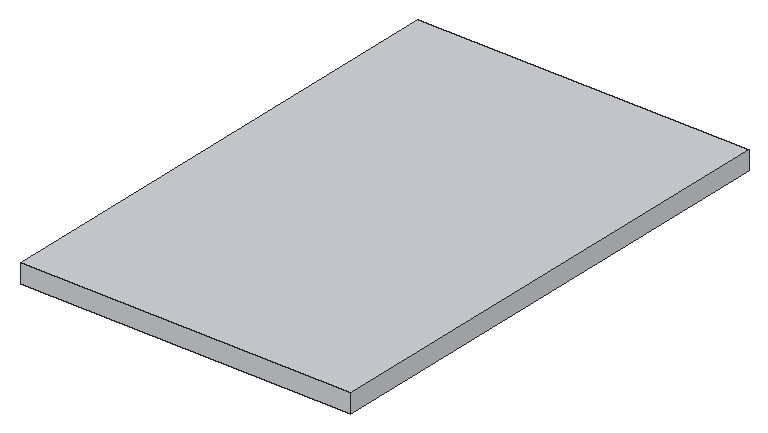
Revit family "LE Shower", category Furniture, Revit 2018
Family settings
  OmniClass Number = 23.40.20.00
  OmniClass Title = General Furniture and Specialties
  Work Plane-Based = No
  Always vertical = Yes
  Cut with Voids When Loaded = No
  Shared = No
  Room Calculation Point = No
Parameters (values of type "1200x800mm Shower Tray")
  Width = 800 mm
  URL = "https://studiole.uk"
  Manufacturer = "LE"
  Length = 1200 mm
  Height = 45 mm
  Corner Radius = 75 mm
  Frame Material = none
  Bezel = 30 mm
Types (7, lengths in mm): name | Width | Length
  1200x800mm Shower Tray | 800 | 1200
  1200x1000mm Shower Tray | 1000 | 1200
  1000x1000mm Shower Tray | 1000 | 1000
  1400x800mm Shower Tray | 800 | 1400
  1500x800mm Shower Tray | 800 | 1500
  1800x800mm Shower Tray | 800 | 1800
  1800x900mm Shower Tray | 900 | 1800
Reference planes
  plane 1 "Center (Front/Back)": y = 0
  plane 2: z = 0
  plane 3 "Center (Left/Right)": x = 0
  plane 4 "Left": x = -400
  plane 5 "Right": x = 400
  plane 6 "Foot": y = -600
  plane 7 "Head": y = 600
  plane 8 "Height": z = 45
  plane 9 "Chair 4": x = -370
  plane 10 "Chair 5": x = 370
  plane 11 "Chair 6": y = 570
  plane 12 "Chair 7": y = -570
  plane 13 "Chair 8": y = 495
  plane 14 "Chair 9": y = -495
  plane 15 "Chair 12": x = -295
  plane 16 "Chair 13": x = 295
Forms (mm)
  Extrusion 1, solid, material <- "Frame Material"
    sketch origin (0, 0, 0) x (1, 0, 0) y (0, 1, 0)
      loop
        line (-400, 600) -> (-400, -600) -> (400, -600) -> (400, 600) -> (-400, 600)
    from 0 to 45 <- "Height"
Lines and regions (mm)
  model lines
    curve 1: line (370, 495, 45) -> (370, -495, 45)
    curve 2: line (-370, 495, 45) -> (-370, -495, 45)
    curve 3: line (-295, 570, 45) -> (295, 570, 45)
    curve 4: line (-295, -570, 45) -> (295, -570, 45)
    curve 5: arc (-295, -570, 45) -> (-348.033, -548.033, 45) -> (-370, -495, 45) r 75
    curve 6: arc (-370, 495, 45) -> (-348.033, 548.033, 45) -> (-295, 570, 45) r 75
    curve 7: arc (295, 570, 45) -> (348.033, 548.033, 45) -> (370, 495, 45) r 75
    curve 8: arc (370, -495, 45) -> (348.033, -548.033, 45) -> (295, -570, 45) r 75
Dimensions and locks
  "Length": plane 7 "Head" to plane 6 "Foot"
  equal spacing: plane 7 "Head", plane 1 "Center (Front/Back)", plane 6 "Foot"
  "Width": plane 4 "Left" to plane 5 "Right"
  equal spacing: plane 4 "Left", plane 3 "Center (Left/Right)", plane 5 "Right"
  "Height": plane 8 "Height" to plane 2
  "Bezel": plane 12 "Chair 7" to plane 6 "Foot"
  "Bezel": plane 7 "Head" to plane 11 "Chair 6"
  "Bezel": plane 4 "Left" to plane 9 "Chair 4"
  "Bezel": plane 10 "Chair 5" to plane 5 "Right"
  "Corner Radius": plane 14 "Chair 9" to plane 12 "Chair 7"
  "Corner Radius": plane 11 "Chair 6" to plane 13 "Chair 8"
  "Corner Radius": plane 9 "Chair 4" to plane 15 "Chair 12"
  "Corner Radius": plane 16 "Chair 13" to plane 10 "Chair 5"
  aligned and locked: level to plane 2
Automatic sketch dimensions
  Extrusion 1 sketch curve to plane 4 "Left" = 0 mm
  Extrusion 1 sketch curve to plane 5 "Right" = 0 mm
  Extrusion 1 sketch curve to plane 6 "Foot" = 0 mm
  Extrusion 1 sketch curve to plane 7 "Head" = 0 mm
  plane 12 "Chair 7" to curve 4 = 0 mm
  curve 2 to plane 9 "Chair 4" = 0 mm
  curve 2 to plane 14 "Chair 9" = 0 mm
  curve 1 to plane 14 "Chair 9" = 0 mm
  curve 1 to plane 13 "Chair 8" = 0 mm
  curve 6 to plane 13 "Chair 8" = 0 mm
  curve 3 to plane 11 "Chair 6" = 0 mm
  curve 4 to plane 16 "Chair 13" = 0 mm
